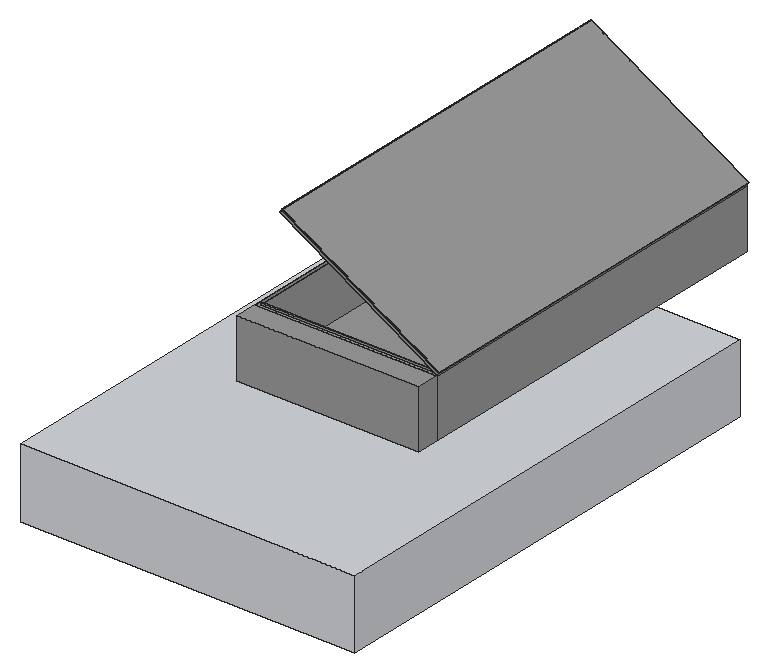
Revit family "Hager-Univers-IP55-D275-H1800-Cl.I-Steel_encl-NoHosted-CH-de", category Equipement électrique, Revit 2020
Family settings
  Hôte = Face
  Configuration du panneau = Deux colonnes, circuits au sein
  Cote de connecteur circulaire = Utiliser le diamètre
  Type d'élément = Tableau de raccordement
  Couper avec des vides une fois chargée = Non
  Partagée = Non
  Point de calcul de pièce = Non
Parameters (values of type "Bodenaufstellung IP55 B800 H1800 T275  - FR13E1")
  Width Control [instance] = if([EF000008 - Breite] > Min Width, [EF000008 - Breite], Min Width)  # 800 mm
  Commentaires du type = [HG000003 - Bereich]  # "Univers"
  Thickness Door [instance] = if([EF009171 - Materialstärke Tür/Deckel] > 3 mm, 3 mm, [EF009171 - Materialstärke Tür/Deckel])  # 1.5 mm
  Seal Frame Offset [instance] = 17 mm  # constant formula
  Plinth Visibility [instance] = [HG000027 - Sockelhöhe] > 0 mm  # yes
  Model = ""
  Min Width [instance] = 100 mm  # constant formula
  Min Height [instance] = 100 mm  # constant formula
  Min Depth [instance] = (2 * [EF009170 - Materialstärke Gehäuse]) + 1 mm  # 4 mm
  Internal Frame Depth [instance] = (Door System Depth * 0.5)  # 9 mm
  Height Control [instance] = if([EF000040 - Höhe] > Min Height, [EF000040 - Höhe], Min Height)  # 1800 mm
  HG000027 - Sockelhöhe = 100 mm
  HG000026 - Stehend auf dem Boden = yes
  HG000024 - Höhe des unteren Teils = 800 mm
  HG000023 - Gehäuse mit doppeltem Querschnitt = no
  HG000016 - 3D-Türsichtbarkeit [instance] = yes
  HG000015 - Sichtbarkeit der Türöffnung [instance] = no
  HG000014 - Tür rechts [instance] = yes
  HG000013 - Tür links [instance] = not([HG000014 - Tür rechts])  # no
  HG000012 - Türschwenkwinkel [instance] = 30.00°
  HG000010 - Asymmetrische Türen = no
  HG000009 - Doppelflügeligen Tür = no
  HG000006 - Unterputz = no
  HG000004 - Herstellerreferenz = "FR13E1"
  HG000003 - Bereich = "Univers"
  HG000002 - Mit tür = yes
  Frame Offset Bottom [instance] = 10 mm  # constant formula
  Frame Offset [instance] = 15 mm  # constant formula
  EF015940 - Deckel mit Überdruckentlastung = no
  EF011959 - Schutzart (NEMA) = ""
  EF009554 - Anzahl der Öffnungen für Flanschplatten = 6
  Fabricant = "Hager"  # constant formula
  EF009212 - Ausführung Deckel = "EV000116 - geschlossen"
  EF009171 - Materialstärke Tür/Deckel = 1.5 mm
  EF009170 - Materialstärke Gehäuse = 1.5 mm
  EF008873 - Nennstrom (In) = 800 A
  EF007800 - Geeignet für Blitzschutz = no
  EF006306 - Mit Schloss = no
  EF006244 - Transparenter Deckel/Tür = no
  EF005474 - Schutzart (IP) = "EV006420 - IP55"
  EF004464 - Art der Tür = "EV002646 - Einzel"
  EF004427 - Anzahl der Module = 396
  EF004293 - Schlagfestigkeit = "EV008784 - IK10"
  EF003532 - Geeignet für Außengebrauch = no
  EF002950 - Breite in Teilungseinheiten = 24
  EF001613 - Funktionserhalt = "EV000494 - ohne"
  EF001596 - Werkstoff des Gehäuses = "EV000179 - Stahl"
  EF001131 - Innentiefe = 275 mm
  EF001088 - Anbaumöglichkeit = yes
  EF000437 - Anzahl der Leitungseinführungen = 6
  EF000339 - Art der Abdeckung = "EV004216 - Tür"
  EF000266 - Anzahl der Reihen = 11
  EF000218 - Einbautiefe = 0 mm
  EF000118 - Mit Montageplatte = no
  EF000116 - RAL-Nummer = "7035"
  EF000049 - Tiefe = 275 mm
  EF000040 - Höhe = 1800 mm
  EF000008 - Breite = 800 mm
  EF000007 - Farbe = "EV000270 - grau"
  EF000003 - Montageart = "EV012274 - Bodenaufstellung"
  Door System Leaf Tolerance [instance] = 1.5 mm  # constant formula
  Door System Depth [instance] = 18 mm  # constant formula
  Door Height [instance] = Height Control - [HG000027 - Sockelhöhe]  # 1700 mm
  Depth Control [instance] = if([EF000049 - Tiefe] > Min Depth, [EF000049 - Tiefe], Min Depth)  # 275 mm
  Default Elevation = 0 mm
  Connector Offset [instance] = Height Control / 2  # 900 mm
  Bottom Top Plate Trim [instance] = 1.5 mm  # constant formula
  Plinth height Ctrl [instance] = if([HG000027 - Sockelhöhe] > 0 mm, [HG000027 - Sockelhöhe], 12 mm)  # 100 mm
Types (5, lengths in mm): name | Width Control | HG000010 - Asymmetrische Türen | HG000009 - Doppelflügeligen Tür | HG000004 - Herstellerreferenz | EF009554 - Anzahl der Öffnungen für Flanschplatten | EF004464 - Art der Tür | EF004427 - Anzahl der Module | EF000437 - Anzahl der Leitungseinführungen | EF000008 - Breite
  Bodenaufstellung IP55 B1050 H1800 T275  - FR14E1 | 1050 | yes | yes | "FR14E1" | 8 | "EV003602 - Doppel" | 528 | 8 | 1050
  Bodenaufstellung IP55 B1300 H1800 T275  - FR15E1 | 1300 | yes | yes | "FR15E1" | 10 | "EV003602 - Doppel" | 660 | 10 | 1300
  Bodenaufstellung IP55 B300 H1800 T275  - FR11E1 | 300 | no | no | "FR11E1" | 2 | "EV002646 - Einzel" | 132 | 2 | 300
  Bodenaufstellung IP55 B550 H1800 T275  - FR12E1 | 550 | no | no | "FR12E1" | 4 | "EV002646 - Einzel" | 264 | 4 | 550
  Bodenaufstellung IP55 B800 H1800 T275  - FR13E1 | 800 | no | no | "FR13E1" | 6 | "EV002646 - Einzel" | 396 | 6 | 800
Reference planes
  plane 1 "Center (Front/Back)": y = 0
  plane 2: z = 0
  plane 3 "Center (Left/Right)": x = 0
  plane 4: z = 275
  plane 5: y = 101.5
  plane 6: y = 950
  plane 7: y = 100
  plane 8: y = 1800
  plane 9: z = 0
  plane 10: x = -385
  plane 11: x = 385
  plane 12: x = 383.5
  plane 13: x = -383.5
  plane 14: y = 1798.5
  plane 15: x = -383
  plane 16: x = -400
  plane 17: x = 383
  plane 18: x = 400
  plane 19: x = 398.5
  plane 20: x = -398.5
  plane 21: y = 111.5
  plane 22: y = 1800
  plane 23: y = 1783.5
  plane 24: z = 257
  plane 25: z = 1.5
  plane 26: z = 255.5
  plane 27: z = 273.5
Forms (mm)
  Extrusion 1, solid
    sketch origin (0, 0, 0) x (1, 0, 0) y (0, 1, 0)
      loop
        line (-702.964, 1305) -> (-702.964, -811.445) -> (766.763, -811.445) -> (766.763, 1305) -> (-702.964, 1305)
    from 0 to -304.8
  Extrusion 2, solid, material "Hager_Steel_RAL7035_Light_Grey", visible <- "Plinth Visibility", detail levels medium+fine
    sketch origin (0, 0, 0) x (1, 0, 0) y (0, 1, 0)
      loop
        line (-400, 0) -> (400, 0) -> (400, 100) -> (-400, 100) -> (-400, 0)
    from 0 to 257
  Extrusion 3, solid, material "Hager_Steel_RAL7035_Light_Grey", detail levels medium+fine
    sketch origin (0, 0, 0) x (1, 0, 0) y (0, 1, 0)
      loop
        line (-400, 100) -> (400, 100) -> (400, 1800) -> (-400, 1800) -> (-400, 100)
    from 0 to 257
  Extrusion 4, void
    sketch origin (0, 0, 0) x (1, 0, 0) y (0, 1, 0)
      loop
        line (-398.5, 101.5) -> (398.5, 101.5) -> (398.5, 1798.5) -> (-398.5, 1798.5) -> (-398.5, 101.5)
    from 1.5 to 255.5
  Extrusion 5, void
    sketch origin (-381.607, -4572, 257) x (0, -1, 0) y (-1, 0, 0)
      loop
        line (-4683.5, 1.893) -> (-6355.5, 1.893) -> (-6355.5, -765.107) -> (-4683.5, -765.107) -> (-4683.5, 1.893)
    from 0 to 1.5 <- "EF009170 - Materialstärke Gehäuse"
  Extrusion 6, solid, material "Hager_Steel_RAL7035_Light_Grey", detail levels fine
    sketch origin (0, 0, 257) x (1, 0, 0) y (0, 1, 0)
      loop
        line (-383.5, 1783.5) -> (-383.5, 111.5) -> (383.5, 111.5) -> (383.5, 1783.5) -> (-383.5, 1783.5)
      loop
        line (-385, 110) -> (385, 110) -> (385, 1785) -> (-385, 1785) -> (-385, 110)
    from 0 to 9 <- "Internal Frame Depth"
  Extrusion 7, solid, material "Hager_Steel_RAL7035_Light_Grey", detail levels coarse
    sketch origin (0, 0, 0) x (1, 0, 0) y (0, 1, 0)
      loop
        line (-400, 0) -> (400, 0) -> (400, 1800) -> (-400, 1800) -> (-400, 0)
    from 0 to 275
  Sweep 8, void
    path in 3D
      loop
        line (-400, 100, 0) -> (400, 100, 0) -> (400, 100, 257) -> (-400, 100, 257) -> (-400, 100, 0)
    profile origin (-400, 100, 128.5) x (-1, 0, 0) y (0, -1, 0)
      loop
        line (0, 0) -> (0, 1.5) -> (-1.5, 1.5)
        arc (-1.5, 1.5) -> (-1.061, 0.439) -> (0, 0) r 1.5
Cuts and joins
  Extrusion 4, Extrusion 5 cuts Extrusion 3
  Sweep 8 cuts Extrusion 2
Lines and regions (mm)
  Masking region 1
    outline origin (0, 0, 0) x (1, 0, 0) y (0, 0, 1)
      loop
        line (-400, 275) -> (-400, 0) -> (400, 0) -> (400, 275) -> (-400, 275)
  Masking region 2, detail levels medium+fine
    outline origin (0, 140, 0) x (0, 1, 0) y (0, 0, 1)
      loop
        line (-40, 0) -> (1660, 0) -> (1660, 257) -> (-40, 257) -> (-40, 0)
  Masking region 3, not visible, detail levels medium+fine
    outline origin (0, 297.922, 0) x (0, 1, 0) y (0, 0, 1)
      loop
        line (663.578, 0) -> (703.578, 0) -> (703.578, 263.5)
        arc (703.578, 263.5) -> (700.649, 270.571) -> (693.578, 273.5) r 10
        line (693.578, 273.5) -> (663.578, 273.5) -> (663.578, 0)
  Masking region 4, detail levels coarse
    outline origin (0, 0, 180) x (0, 1, 0) y (0, 0, 1)
      loop
        line (0, -180) -> (1800, -180) -> (1800, 95) -> (0, 95) -> (0, -180)
  Masking region 5, visible <- "Plinth Visibility", detail levels medium+fine
    outline origin (0, 52.24, 12.345) x (0, 0, -1) y (0, 1, 0)
      loop
        line (10.845, 47.76) -> (-243.155, 47.76)
        arc (-243.155, 47.76) -> (-243.594, 46.699) -> (-244.655, 46.26) r 1.5
        line (-244.655, 46.26) -> (-244.655, -52.24) -> (12.345, -52.24) -> (12.345, 46.26)
        arc (12.345, 46.26) -> (11.285, 46.699) -> (10.845, 47.76) r 1.5
  Masking region 6, detail levels medium+fine
    outline origin (-381.607, -4572, 257) x (-1, 0, 0) y (0, -1, 0)
      loop
        line (18.393, -6372) -> (18.393, -4672) -> (-781.607, -4672) -> (-781.607, -6372) -> (18.393, -6372)
  Masking region 7, visible <- "Plinth Visibility", detail levels medium+fine
    outline origin (-381.607, -4727, 257) x (-1, 0, 0) y (0, -1, 0)
      loop
        arc (16.893, -4827) -> (17.332, -4825.939) -> (18.393, -4825.5) r 1.5
        line (18.393, -4825.5) -> (18.393, -4727) -> (-781.607, -4727) -> (-781.607, -4825.5)
        arc (-781.607, -4825.5) -> (-780.546, -4825.939) -> (-780.107, -4827) r 1.5
        line (-780.107, -4827) -> (16.893, -4827)
  Masking region 8, detail levels coarse
    outline origin (-442.548, -4669.526, 257) x (-1, 0, 0) y (0, -1, 0)
      loop
        line (-42.548, -6469.526) -> (-42.548, -4669.526) -> (-842.548, -4669.526) -> (-842.548, -6469.526) -> (-42.548, -6469.526)
  sketch lines
    curve 1: line (-400, 100, 257) -> (-400, 100, 0)
    curve 2: line (400, 100, 257) -> (-400, 100, 257)
    curve 3: line (400, 100, 257) -> (400, 100, 0)
    curve 4: line (-400, 100, 0) -> (400, 100, 0)
Dimensions and locks
  "Depth Control": plane 4 to Extrusion 1
  "HG000027 - Sockelhöhe": plane 1 "Center (Front/Back)" to plane 7
  "EF009170 - Materialstärke Gehäuse": plane 5 to plane 7
  locked: connector elem to plane 3 "Center (Left/Right)"
  equal spacing: plane 8, plane 6, plane 7
  locked: connector elem to plane 6
  "EF009170 - Materialstärke Gehäuse": plane 8 to plane 14
  "EF009170 - Materialstärke Gehäuse": plane 10 to plane 13
  "EF009170 - Materialstärke Gehäuse": plane 12 to plane 11
  "Frame Offset": plane 20 to plane 13
  "Frame Offset": plane 12 to plane 19
  "EF009170 - Materialstärke Gehäuse": plane 16 to plane 20
  "EF009170 - Materialstärke Gehäuse": plane 19 to plane 18
  "Seal Frame Offset": plane 16 to plane 15
  "Seal Frame Offset": plane 17 to plane 18
  "Frame Offset Bottom": plane 21 to plane 5
  "Frame Offset": plane 14 to plane 23
  equal spacing: plane 16, plane 3 "Center (Left/Right)", plane 18
  "Width Control": plane 16 to plane 18
  "EF009170 - Materialstärke Gehäuse": plane 4 to plane 27
  "EF009170 - Materialstärke Gehäuse": plane 24 to plane 26
  "EF009170 - Materialstärke Gehäuse": plane 25 to level
  "Door System Depth": plane 4 to plane 24
  "Height Control": plane 1 "Center (Front/Back)" to Extrusion 7 sketch curve
  "Height Control": Masking region 4 sketch curve to plane 1 "Center (Front/Back)"
  "Height Control": plane 1 "Center (Front/Back)" to plane 22
  "Bottom Top Plate Trim": profile plane to Sweep 8 sketch curve
  "Bottom Top Plate Trim": Sweep 8 sketch curve to profile plane
  "Plinth height Ctrl": plane 1 "Center (Front/Back)" to Extrusion 2 sketch curve
  "Plinth height Ctrl": Masking region 5 sketch curve to plane 1 "Center (Front/Back)"
  "Plinth height Ctrl": plane 1 "Center (Front/Back)" to Masking region 7 sketch curve
  "Thickness Door": Extrusion 6 sketch curve to Extrusion 6 sketch curve  (x3)
  "Thickness Door": cut or joined group of Extrusion 3, Extrusion 4, Extrusion 5 to Extrusion 6 sketch curve
  radius of Masking region 3 sketch curve = 10 mm
  "Bottom Top Plate Trim": radius of Masking region 5 sketch curve  (x2)
  "Bottom Top Plate Trim": radius of Sweep 8 sketch curve
  "Bottom Top Plate Trim": radius of Masking region 7 sketch curve  (x2)
  aligned and locked: plane 2 to Extrusion 1
  aligned and locked: level to Extrusion 1
  aligned and locked: level to Masking region 1 sketch curve
  aligned and locked: Masking region 1 sketch curve to plane 18
  aligned and locked: Masking region 1 sketch curve to plane 16
  aligned and locked: plane 7 to Masking region 2 sketch curve
  aligned and locked: level to Masking region 3 sketch curve
  aligned and locked: Masking region 3 sketch curve to plane 27
  aligned and locked: level to Masking region 2 sketch curve
  aligned and locked: plane 1 "Center (Front/Back)" to Extrusion 2 sketch curve
  aligned and locked: Extrusion 3 sketch curve to plane 7
  aligned and locked: plane 16 to Extrusion 3 sketch curve
  aligned and locked: plane 18 to Extrusion 3 sketch curve
  aligned and locked: plane 20 to Extrusion 4 sketch curve
  aligned and locked: plane 19 to Extrusion 4 sketch curve
  aligned and locked: Extrusion 4 sketch curve to plane 5
  aligned and locked: Extrusion 4 to plane 25
  aligned and locked: plane 26 to Extrusion 4
  aligned and locked: plane 24 to Extrusion 3
  aligned and locked: Extrusion 5 sketch curve to plane 21
  aligned and locked: Extrusion 5 sketch curve to plane 13
  aligned and locked: Extrusion 5 sketch curve to plane 12
  aligned and locked: plane 18 to Extrusion 7 sketch curve
  aligned and locked: plane 1 "Center (Front/Back)" to Extrusion 7 sketch curve
  aligned and locked: plane 16 to Extrusion 7 sketch curve
  aligned and locked: plane 4 to Extrusion 7
  aligned and locked: Extrusion 7 to level
  aligned and locked: level to Masking region 4 sketch curve
  aligned and locked: Masking region 4 sketch curve to plane 1 "Center (Front/Back)"
  aligned and locked: Masking region 4 sketch curve to plane 4
  aligned and locked: nested 1 to level
  aligned and locked: nested 1 to plane 16
  aligned and locked: plane 8 to Extrusion 3 sketch curve
  aligned and locked: plane 23 to Extrusion 5 sketch curve
  aligned and locked: plane 14 to Extrusion 4 sketch curve
  aligned and locked: Masking region 2 sketch curve to plane 8
  aligned and locked: level to Masking region 5 sketch curve
  aligned and locked: plane 16 to Extrusion 2 sketch curve
  aligned and locked: plane 18 to Extrusion 2 sketch curve
  aligned and locked: Masking region 5 sketch curve to plane 24
  aligned and locked: Masking region 2 sketch curve to plane 24
  aligned and locked: plane 24 to Extrusion 2
  aligned and locked: profile plane to Sweep 8 sketch curve  (x2)
  aligned and locked: Masking region 6 sketch curve to plane 18
  aligned and locked: Masking region 6 sketch curve to plane 22
  aligned and locked: Masking region 6 sketch curve to plane 16
  aligned and locked: plane 8 to plane 22
  aligned and locked: Masking region 6 sketch curve to plane 7
  aligned and locked: Masking region 7 sketch curve to plane 16
  aligned and locked: Masking region 7 sketch curve to plane 1 "Center (Front/Back)"
  aligned and locked: Masking region 7 sketch curve to plane 18
  aligned and locked: Masking region 8 sketch curve to plane 1 "Center (Front/Back)"
  aligned and locked: Masking region 8 sketch curve to plane 18
  aligned and locked: Masking region 8 sketch curve to plane 22
  aligned and locked: Masking region 8 sketch curve to plane 16
  aligned and locked: nested 2 to plane 7
  aligned and locked: plane 3 "Center (Left/Right)" to nested 2
  aligned and locked: nested 2 to plane 24
  aligned and locked: Extrusion 6 sketch curve to cut or joined group of Extrusion 3, Extrusion 4, Extrusion 5  (x4)
Automatic sketch dimensions
  Extrusion 1 sketch curve to Extrusion 1 sketch curve = 1469.727 mm
  Extrusion 1 sketch curve to Extrusion 1 sketch curve = 2116.445 mm
  Masking region 1 sketch curve to plane 4 = 0 mm
  plane 6 to Masking region 3 sketch curve = 11.5 mm
  Masking region 3 sketch curve to Masking region 3 sketch curve = 30 mm
  Masking region 5 sketch curve to plane 1 "Center (Front/Back)" = 0 mm
Nested families
  nested 1: "Hager_Enclosure_Symbol" at (-400, 0, 0) x (1, 0, 0) z (0, -1, 0), Height <- "Depth Control", Width <- "Width Control", type "Hager_Enclosure_Symbol"
    with Width_Ctrl 800 mm, Width 800 mm, Height_Ctrl 275 mm, Height 275 mm, A_Width_Int 18.047 mm, A_Width 216.562 mm, A_Height_Ctrl 240.625 mm, A_Height 240.625 mm
  nested 2: "EC000058_Univers_Door" at (0, 100, 257) x (1, 0, 0) z (0, 1, 0), Leaf_Tolerance <- "Door System Leaf Tolerance", Angle <- "HG000012 - Türschwenkwinkel", Door_Depth <- "Door System Depth", Door_Left <- "HG000013 - Tür links", Transparent <- "EF006244 - Transparenter Deckel/Tür", Assymetrical <- "HG000010 - Asymmetrische Türen", Width <- "Width Control", Clearance <- "HG000015 - Sichtbarkeit der Türöffnung", Double <- "HG000009 - Doppelflügeligen Tür", 3d_Door <- "HG000016 - 3D-Türsichtbarkeit", Lock_Visibility <- "EF006306 - Mit Schloss", Width_Ctrl <- "Width Control", Door_Right <- "HG000014 - Tür rechts", Door <- "HG000002 - Mit tür", Height <- "Door Height", Thickness <- "Thickness Door", type "EC000058_Univers_Door", detail levels medium+fine
    with min_wh 4 mm, Width_Ctrl 800 mm, Width 800 mm, Transparent no, Thickness 1.5 mm, Seal_Material Hager_Rubber, Lock_Visibility no, Lock_Material Hager_Plastic_RAL9005_Jet_Black, Leaf_Width 800 mm, Leaf_Tolerance_External_Sides 0 mm, Leaf_Tolerance 1.5 mm, Leaf_Offset 0 mm, Leaf_Height 1697 mm, Leaf_2_Width 800 mm, Leaf_2_Offset 400 mm, Leaf_1_Width 800 mm, Leaf_1_Offset 400 mm, Height_Ctrl 1700 mm, Height 1700 mm, Glass_Material Hager_Glass, Double_Clearance_Ctrl no, Double no, Door_Right_Ctrl yes, Door_Right yes, Door_Material Hager_Steel_RAL7035_Light_Grey, Door_Left_Ctrl no, Door_Left no, Door_Depth 18 mm, Door yes, Clearance_Material Hager_Clearance, Clearance_Depth 800 mm, Clearance_Ctrl no, Clearance no, Assymetrical no, Angle 30.00°, 3d_Door yes
Connectors
  electrical at (0, 950, 0)
    settings: on plane 9, index 1, voltage 0 V, apparent load 0 VA, apparent load phase1 0 VA, apparent load phase2 0 VA, apparent load phase3 0 VA, power factor 1, load classification "Other", number of poles 1, system type 30, power factor state 1, is connector primary yes, connector utility no, sub classification motor no, connector description ""
Definition of nested family "EC000058_Univers_Door"
  Parameters (values of type "EC000058_Univers_Door")
    min_wh [instance] = (2 * Thickness) + 1 mm  # 11 mm
    Width_Ctrl [instance] = 400 mm
    Width [instance] = 500 mm
    Transparent [instance] = yes
    Thickness [instance] = 5 mm
    Seal_Material [instance] = none
    Lock_Visibility [instance] = yes
    Lock_Material [instance] = none
    Leaf_Width [instance] = if((Width_Ctrl - 2 * Leaf_Tolerance_External_Sides) > 0 mm, (Width_Ctrl - 2 * Leaf_Tolerance_External_Sides), min_wh)  # 400 mm
    Leaf_Tolerance_External_Sides [instance] = 0 mm  # constant formula
    Leaf_Tolerance [instance] = 1.5 mm
    Leaf_Offset [instance] = 0 mm  # constant formula
    Leaf_Height [instance] = if((Height_Ctrl - 2 * Leaf_Tolerance) > 0 mm, (Height_Ctrl - 2 * Leaf_Tolerance), min_wh)  # 497 mm
    Leaf_2_Width [instance] = if(and(and(Double, Assymetrical), Door_Left), (Leaf_Width / 3) - (Leaf_Tolerance / 2), if(and(and(Double, Assymetrical), Door_Right), (Leaf_Width / 3) * 2 - (Leaf_Tolerance / 2), if(and(Double, not(Assymetrical)), (Leaf_Width / 2) - Leaf_Tolerance, Leaf_Width)))  # 400 mm
    Leaf_2_Offset [instance] = if(and(Double, Assymetrical), Leaf_2_Width / 2, if(and(Double, not(Assymetrical)), Leaf_Width / 4, Leaf_Width / 2))  # 200 mm
    Leaf_1_Width [instance] = if(and(and(Double, Assymetrical), Door_Right), (Leaf_Width / 3) - (Leaf_Tolerance / 2), if(and(and(Double, Assymetrical), Door_Left), (Width / 3) * 2 - (Leaf_Tolerance / 2), if(and(Double, not(Assymetrical)), (Leaf_Width / 2) - Leaf_Tolerance, Leaf_Width)))  # 400 mm
    Leaf_1_Offset [instance] = if(and(Double, Assymetrical), Leaf_1_Width / 2, if(and(Double, not(Assymetrical)), Leaf_Width / 4, Leaf_Width / 2))  # 200 mm
    Height_Ctrl [instance] = if(Height > min_wh, Height, min_wh)  # 500 mm
    Height [instance] = 500 mm
    Glass_Material [instance] = none
    Double_Clearance_Ctrl [instance] = and(Double, Clearance)  # no
    Double [instance] = no
    Door_Right_Ctrl [instance] = and(or(Door_Right, Double), Door)  # yes
    Door_Right [instance] = yes
    Door_Material [instance] = none
    Door_Left_Ctrl [instance] = and(or(Door_Left, Double), Door)  # no
    Door_Left [instance] = no
    Door_Depth [instance] = 30 mm
    Door [instance] = yes
    Default Elevation = 1219.2 mm
    Clearance_Material [instance] = none
    Clearance_Depth [instance] = if(Leaf_1_Width > Leaf_2_Width, Leaf_1_Width, Leaf_2_Width)  # 400 mm
    Clearance_Ctrl [instance] = and(not(Double), Clearance)  # yes
    Clearance [instance] = yes
    Assymetrical [instance] = yes
    Angle [instance] = 30.00°
    3d_Door [instance] = yes
  Reference planes
    plane 1 "Center (Front/Back)": y = 0
    plane 2 "Bottom": z = 0
    plane 3 "Center (Left/Right)": x = 0
    plane 4: z = 500
    plane 5: x = -200
    plane 6: x = 200
    plane 7: z = 500
    plane 8: x = -200
    plane 9: z = 0
    plane 10: x = 200
    plane 11: y = 0
    plane 12: z = 1.5
    plane 13: x = -600
    plane 14: y = -400
    plane 15: x = 600
    plane 16: x = 0
    plane 17: x = 0
    plane 18: x = -200
    plane 19: x = 200
    plane 20: z = 498.5
  Forms (mm)
    Extrusion 1, solid, material <- "Clearance_Material", visible <- "Double_Clearance_Ctrl"
      sketch origin (1200, 0, 0) x (1, 0, 0) y (0, 0, -1)
        loop
          line (-1800, -498.5) -> (-600, -498.5) -> (-600, 0) -> (-1800, 0) -> (-1800, -498.5)
      from 0 to -400
  Dimensions and locks
    equal spacing: plane 5, plane 3 "Center (Left/Right)", plane 6
    "Width_Ctrl": plane 5 to plane 6
    "Leaf_Offset": plane 5 to plane 8
    "Leaf_Offset": plane 6 to plane 10
    "Leaf_Offset": plane 9 to level
    "Leaf_Offset": plane 4 to plane 7
    "Height_Ctrl": plane 4 to level
    "Leaf_Tolerance": plane 12 to plane 9
    locked: plane 11 to plane 1 "Center (Front/Back)"
    "Leaf_1_Offset": plane 18 to plane 16
    "Leaf_2_Offset": plane 17 to plane 19
    "Leaf_1_Width": plane 13 to plane 8
    "Leaf_2_Width": plane 10 to plane 15
    "Clearance_Depth": plane 14 to plane 1 "Center (Front/Back)"
    "Leaf_Tolerance_External_Sides": plane 8 to plane 18
    "Leaf_Tolerance_External_Sides": plane 19 to plane 10
    "Leaf_Tolerance": plane 7 to plane 20
    aligned and locked: level to plane 2 "Bottom"
    aligned and locked: nested 1 to plane 16
    aligned and locked: nested 2 to plane 17
    aligned and locked: Extrusion 1 to plane 13
    aligned and locked: plane 15 to Extrusion 1
    aligned and locked: Extrusion 1 to plane 14
    aligned and locked: plane 12 to nested 1
    aligned and locked: nested 2 to plane 12
    aligned and locked: Extrusion 1 to plane 11
    aligned and locked: plane 20 to Extrusion 1
    aligned and locked: nested 2 to plane 11
    aligned and locked: nested 1 to plane 11
  Automatic sketch dimensions
    Extrusion 1 sketch curve to level = 0 mm
    plane 5 to Extrusion 1 sketch curve = 400 mm
    plane 6 to Extrusion 1 sketch curve = 400 mm
    Extrusion 1 sketch curve to plane 4 = 1.5 mm
  Nested families
    nested 1: "EC000058_Univers_Door_Leaf" at (0, 0, 1.5), Width <- "Leaf_1_Width", visible <- "Door_Left_Ctrl", Leaf_Height <- "Leaf_Height", Angle <- "Angle", 3d_Door <- "3d_Door", Transparent <- "Transparent", Clearance Material <- "Clearance_Material", Clearance <- "Clearance_Ctrl", Door_Material <- "Door_Material", Glass_Material <- "Glass_Material", Door_Depth <- "Door_Depth", Lock_Material <- "Lock_Material", Seal_Material <- "Seal_Material", Lock_Visibility <- "Lock_Visibility", Thickness <- "Thickness", type "EC000058_Univers_Door_Leaf"
      with Width 400 mm, Transparent_Glass_Offset 30 mm, Transparent_Ctrl yes, Transparent yes, Thickness 5 mm, Standard no, Seal_Material none, Seal_D2 8 mm, Seal_D1 1 mm, Offset_Internal_Frame 10 mm, Lock_Width 20 mm, Lock_Visibility_3d yes, Lock_Visibility yes, Lock_Thickness_3 3 mm, Lock_Thickness_2 1 mm, Lock_Thickness_1 3 mm, Lock_Radius_Offset_2 16 mm, Lock_Radius_Offset_1 15 mm, Lock_Radius_2 5 mm, Lock_Radius 6 mm, Lock_Offset 5 mm, Lock_Material none, Lock_Height 80 mm, Lock_Cover_Top_Offset_2d 17 mm, Lock_Cover_Height -65 mm, Leaf_Height 497 mm, Internal_Seal_Thickness 8 mm, Internal_Seal_Depth_2 4.5 mm, Internal_Frame_Depth 25 mm, Glass_Thickness -1 mm, Glass_Offset -2 mm, Glass_Material none, Door_Material none, Door_Depth 30 mm, Clearance Material none, Clearance yes, Angle_Ctrl 30.00°, Angle 30.00°, 3d_Door yes
    nested 2: "EC000058_Univers_Door_Leaf" at (0, 0, 1.5) x (-1, 0, 0) z (0, 0, 1), Width <- "Leaf_2_Width", visible <- "Door_Right_Ctrl", Leaf_Height <- "Leaf_Height", Angle <- "Angle", 3d_Door <- "3d_Door", Transparent <- "Transparent", Clearance Material <- "Clearance_Material", Clearance <- "Clearance_Ctrl", Door_Material <- "Door_Material", Glass_Material <- "Glass_Material", Door_Depth <- "Door_Depth", Lock_Material <- "Lock_Material", Seal_Material <- "Seal_Material", Lock_Visibility <- "Lock_Visibility", Thickness <- "Thickness", type "EC000058_Univers_Door_Leaf"
      with Width 400 mm, Transparent_Glass_Offset 30 mm, Transparent_Ctrl yes, Transparent yes, Thickness 5 mm, Standard no, Seal_Material none, Seal_D2 8 mm, Seal_D1 1 mm, Offset_Internal_Frame 10 mm, Lock_Width 20 mm, Lock_Visibility_3d yes, Lock_Visibility yes, Lock_Thickness_3 3 mm, Lock_Thickness_2 1 mm, Lock_Thickness_1 3 mm, Lock_Radius_Offset_2 16 mm, Lock_Radius_Offset_1 15 mm, Lock_Radius_2 5 mm, Lock_Radius 6 mm, Lock_Offset 5 mm, Lock_Material none, Lock_Height 80 mm, Lock_Cover_Top_Offset_2d 17 mm, Lock_Cover_Height -65 mm, Leaf_Height 497 mm, Internal_Seal_Thickness 8 mm, Internal_Seal_Depth_2 4.5 mm, Internal_Frame_Depth 25 mm, Glass_Thickness -1 mm, Glass_Offset -2 mm, Glass_Material none, Door_Material none, Door_Depth 30 mm, Clearance Material none, Clearance yes, Angle_Ctrl 30.00°, Angle 30.00°, 3d_Door yes
  Definition of nested family "EC000058_Univers_Door_Leaf"
    Parameters (values of type "EC000058_Univers_Door_Leaf")
      Width [instance] = 2000 mm
      Transparent_Glass_Offset [instance] = 30 mm
      Transparent_Ctrl [instance] = and(Transparent, [3d_Door])  # yes
      Transparent [instance] = yes
      Thickness [instance] = 5 mm
      Standard [instance] = and(not(Transparent), [3d_Door])  # no
      Seal_Material [instance] = none
      Seal_D2 [instance] = 8 mm  # constant formula
      Seal_D1 [instance] = 1 mm  # constant formula
      Offset_Internal_Frame [instance] = 10 mm  # constant formula
      Lock_Width [instance] = 20 mm  # constant formula
      Lock_Visibility_3d [instance] = and(Lock_Visibility, [3d_Door])  # yes
      Lock_Visibility [instance] = yes
      Lock_Thickness_3 [instance] = 3 mm  # constant formula
      Lock_Thickness_2 [instance] = 1 mm  # constant formula
      Lock_Thickness_1 [instance] = 3 mm  # constant formula
      Lock_Radius_Offset_2 [instance] = Lock_Radius_Offset_1 + 1 mm  # 16 mm
      Lock_Radius_Offset_1 [instance] = 15 mm  # constant formula
      Lock_Radius_2 [instance] = Lock_Radius - 1 mm  # 5 mm
      Lock_Radius [instance] = 6 mm  # constant formula
      Lock_Offset [instance] = 5 mm  # constant formula
      Lock_Material [instance] = none
      Lock_Height [instance] = 80 mm  # constant formula
      Lock_Cover_Top_Offset_2d [instance] = Lock_Radius_Offset_2 + 1 mm  # 17 mm
      Lock_Cover_Height [instance] = -(Lock_Height - Lock_Radius_Offset_1)  # -65 mm
      Leaf_Height [instance] = 2720.336 mm
      Internal_Seal_Thickness [instance] = 8 mm  # constant formula
      Internal_Seal_Depth_2 [instance] = 4.5 mm  # constant formula
      Internal_Frame_Depth [instance] = if(Door_Depth - Thickness > 5 mm, Door_Depth - Thickness, 5 mm)  # 25 mm
      Glass_Thickness [instance] = if(Thickness > 15 mm, Glass_Offset + 10 mm, -1 mm)  # -1 mm
      Glass_Offset [instance] = if(Thickness > 15 mm, -(Thickness + 10 mm) / 2, -2 mm)  # -2 mm
      Glass_Material [instance] = none
      Door_Material [instance] = none
      Door_Depth [instance] = 30 mm
      Default Elevation = 0 mm
      Clearance Material [instance] = none
      Clearance [instance] = yes
      Angle_Ctrl [instance] = if(Angle > 180.00°, 180.00°, Angle)  # 90.00°
      Angle [instance] = 90.00°
      3d_Door [instance] = yes
    Reference planes
      plane 1 "Center (Front/Back)": y = 0
      plane 2: z = 0
      plane 3 "Center (Left/Right)": x = 0
      plane 4: y = 2000
      plane 5: x = -1000
      plane 6: x = 1000
      plane 7: x = -3000
      plane 8: z = 2720.336
      plane 9: z = 30
      plane 10: z = 2690.336
      plane 11: x = 970
      plane 12: x = -970
      plane 13: y = -3
      plane 14: z = 107.833
      plane 15: y = -5
      plane 16: y = -223.314
      plane 17: x = -1000
      plane 18: z = 1360.168
      plane 19: y = 30
    Forms (mm)
      Extrusion 1, solid, material <- "Clearance Material", visible <- "Clearance"
        sketch origin (0, 0, 0) x (1, 0, 0) y (0, 0, 1)
          loop
            line (-3000, 2720.336) -> (-3000, 0) -> (1000, 0) -> (1000, 2720.336) -> (-3000, 2720.336)
        from 0 to -2000
      Extrusion 2, solid, material <- "Door_Material", visible <- "Standard", detail levels medium+fine
        sketch origin (-1000, 0, 0) x (0, 1, 0) y (-1, 0, 0)
          loop
            line (0, 30) -> (0, 25) -> (2000, 25) -> (2000, 30) -> (0, 30)
        from 0 to 2720.336 <- "Leaf_Height"
      Extrusion 3, solid, material <- "Door_Material", visible <- "Transparent_Ctrl", detail levels medium+fine
        sketch origin (-1000, 0, 0) x (0, 1, 0) y (-1, 0, 0)
          loop
            line (0, 25) -> (2000, 25) -> (2000, 30) -> (0, 30) -> (0, 25)
        from 0 to 2720.336 <- "Leaf_Height"
      Extrusion 4, void
        sketch origin (-1025, 2000, 0) x (0, 1, 0) y (0, 0, -1)
          loop
            line (-30, -2690.336) -> (-30, -30) -> (-1970, -30) -> (-1970, -2690.336) -> (-30, -2690.336)
        from 0 to 5 <- "Thickness"
      Sweep 5, solid, material <- "Seal_Material", visible <- "Transparent_Ctrl", detail levels fine
        path in 3D
          loop
            line (-1025, 30, 30) -> (-1025, 30, 2690.336) -> (-1025, 1970, 2690.336) -> (-1025, 1970, 30) -> (-1025, 30, 30)
        profile origin (-1025, 1000, 30) x (1, 0, 0) y (0, 0, 1)
          loop
            line (0, 0) -> (0, -8) -> (1, -8) -> (1, 0) -> (0, 0)
      Extrusion 6, solid, material <- "Glass_Material", visible <- "Transparent_Ctrl", detail levels medium+fine
        sketch origin (-1030, 0, 0) x (0, 1, 0) y (0, 0, -1)
          loop
            line (1970, -2690.336) -> (1970, -30) -> (30, -30) -> (30, -2690.336) -> (1970, -2690.336)
        from -2 <- "Glass_Offset" to -1 <- "Glass_Thickness"
      Extrusion 7, solid, material <- "Door_Material", visible <- "3d_Door", detail levels medium+fine
        sketch origin (-1025, 2000, 0) x (0, -1, 0) y (0, 0, -1)
          loop
            line (0, -2720.336) -> (2000, -2720.336) -> (2000, 0) -> (0, 0) -> (0, -2720.336)
          loop
            line (1995, -5) -> (5, -5) -> (5, -2715.336) -> (1995, -2715.336) -> (1995, -5)
        from 0 to 25 <- "Internal_Frame_Depth"
      Sweep 8, solid, material <- "Seal_Material", visible <- "Transparent_Ctrl", detail levels fine
        path in 3D
          loop
            line (-1025, 0, 0) -> (-1025, 2000, 0) -> (-1025, 2000, 2720.336) -> (-1025, 0, 2720.336) -> (-1025, 0, 0)
        profile origin (-1025, 0, 1360.168) x (1, 0, 0) y (0, 1, 0)
          loop
            line (0, 10) -> (2.975, 10)
            arc (2.975, 10) -> (4.053, 10.447) -> (4.5, 11.525) r 1.525
            line (4.5, 11.525) -> (4.5, 16.527)
            arc (4.5, 16.527) -> (4.069, 17.569) -> (3.027, 18) r 1.473
            line (3.027, 18) -> (0, 18) -> (0, 10)
      Extrusion 9, solid, material <- "Lock_Material", visible <- "Lock_Visibility_3d", detail levels fine
        sketch origin (-1030, 0, 0) x (0, 1, 0) y (0, 0, -1)
          loop
            arc (1993.5, -1400.168) -> (1994.561, -1399.729) -> (1995, -1398.668) r 1.5
            line (1995, -1398.668) -> (1995, -1320.168) -> (1975, -1320.168) -> (1975, -1398.668)
            arc (1975, -1398.668) -> (1975.439, -1399.729) -> (1976.5, -1400.168) r 1.5
            line (1976.5, -1400.168) -> (1993.5, -1400.168)
        from 3 <- "Lock_Thickness_1" to 0
      Blend 10, solid, material <- "Lock_Material", visible <- "Lock_Visibility_3d", detail levels fine
        base sketch origin (-1033, 0, 0) x (0, 1, 0) y (0, 0, -1)
          loop
            line (1975, -1320.168) -> (1975, -1398.668)
            arc (1975, -1398.668) -> (1975.439, -1399.729) -> (1976.5, -1400.168) r 1.5
            line (1976.5, -1400.168) -> (1993.5, -1400.168)
            arc (1993.5, -1400.168) -> (1994.561, -1399.729) -> (1995, -1398.668) r 1.5
            line (1995, -1398.668) -> (1995, -1320.168) -> (1975, -1320.168)
        top sketch origin (-1033, 0, 0) x (0, 1, 0) y (0, 0, -1)
          loop
            line (1976, -1320.168) -> (1976, -1398.668)
            arc (1976, -1398.668) -> (1976.146, -1399.022) -> (1976.5, -1399.168) r 0.5
            line (1976.5, -1399.168) -> (1993.5, -1399.168)
            arc (1993.5, -1399.168) -> (1993.854, -1399.022) -> (1994, -1398.668) r 0.5
            line (1994, -1398.668) -> (1994, -1320.168) -> (1976, -1320.168)
        from 0 to 1 <- "Lock_Thickness_2"
      Blend 11, solid, material <- "Lock_Material", visible <- "Lock_Visibility_3d", detail levels fine
        base sketch origin (-1034, 0, 0) x (0, 1, 0) y (0, 0, -1)
          loop
            line (1978, -1320.168) -> (1978, -1384.168)
            arc (1978, -1384.168) -> (1985, -1391.168) -> (1992, -1384.168) r 7
            line (1992, -1384.168) -> (1992, -1320.168) -> (1978, -1320.168)
        top sketch origin (-1034, 0, 0) x (0, 1, 0) y (0, 0, -1)
          loop
            line (1991, -1320.168) -> (1979, -1320.168) -> (1979, -1383.168)
            arc (1979, -1383.168) -> (1985, -1389.168) -> (1991, -1383.168) r 6
            line (1991, -1383.168) -> (1991, -1320.168)
        from 0 to 3 <- "Lock_Thickness_3"
      Extrusion 12, solid, material <- "Lock_Material", visible <- "Lock_Visibility_3d", detail levels fine
        sketch origin (-1030, 1975, 1320.168) x (1, 0, 0) y (0, -1, 0)
          loop
            line (-7, -19) -> (-7, -1) -> (0, -1) -> (0, 0) -> (-8, 0) -> (-8, -20) -> (0, -20) -> (0, -19) -> (-7, -19)
        from 0 to -65 <- "Lock_Cover_Height"
      Extrusion 13, void
        sketch origin (-1038, 1995, 1320.168) x (-1, 0, 0) y (0, 0, -1)
          loop
            line (-5, -65) -> (0, -65) -> (-5, -60) -> (-5, -65)
        from 0 to 20 <- "Lock_Width"
      Extrusion 14, void
        sketch origin (-1038, 1975, 1320.168) x (0, -1, 0) y (0, 0, -1)
          loop
            circle (-10, -15.995) r 6
          loop
            circle (-10, -15.995) r 5
        from 0 to 2
      Extrusion 15, solid, material <- "Lock_Material", visible <- "Lock_Visibility_3d", detail levels medium
        sketch origin (-1030, 0, 0) x (0, 1, 0) y (0, 0, -1)
          loop
            arc (1993.5, -1400.168) -> (1994.561, -1399.729) -> (1995, -1398.668) r 1.5
            line (1995, -1398.668) -> (1995, -1320.168) -> (1975, -1320.168) -> (1975, -1398.668)
            arc (1975, -1398.668) -> (1975.439, -1399.729) -> (1976.5, -1400.168) r 1.5
            line (1976.5, -1400.168) -> (1993.5, -1400.168)
        from 8 to 0
    Cuts and joins
      Extrusion 4 cuts Extrusion 3
      Extrusion 13, Extrusion 14 cuts Extrusion 9
      Extrusion 14 cuts Blend 11
      Extrusion 13, Extrusion 14 cuts Extrusion 12
      joined: Extrusion 9, Blend 10, Blend 11, Extrusion 12
      Extrusion 14 cuts Extrusion 15
    Lines and regions (mm)
      Masking region 1, visible <- "Lock_Visibility", detail levels fine
        outline origin (0, 0, 0) x (0, 1, 0) y (0, 0, 1)
          loop
            line (30, 1320.168) -> (33, 1320.168) -> (33, 1400.168) -> (30, 1400.168) -> (30, 1320.168)
      Masking region 2, visible <- "Lock_Visibility", detail levels fine
        outline origin (0, 3.143, 0) x (0, 1, 0) y (0, 0, 1)
          loop
            line (29.857, 1354.168) -> (30.857, 1354.168) -> (30.857, 1366.168) -> (29.857, 1366.168) -> (29.857, 1354.168)
      Masking region 3, detail levels medium+fine
        outline origin (0, 0, 0) x (0, 1, 0) y (0, 0, 1)
          loop
            line (0, 0) -> (30, 0) -> (30, 2720.336) -> (0, 2720.336) -> (0, 0)
      Masking region 4, detail levels medium+fine
        outline origin (0, 0, 0) x (1, 0, 0) y (0, 0, 1)
          loop
            line (-1000, 2720.336) -> (-1000, 0) -> (1000, 0) -> (1000, 2720.336) -> (-1000, 2720.336)
      Masking region 5, visible <- "Lock_Visibility", detail levels fine
        outline origin (-47.116, 0, 0) x (1, 0, 0) y (0, 0, 1)
          loop
            arc (1024.616, 1399.168) -> (1023.556, 1398.729) -> (1023.116, 1397.668) r 1.5
            line (1023.116, 1397.668) -> (1023.116, 1320.168) -> (1041.116, 1320.168) -> (1041.116, 1397.668)
            arc (1041.116, 1397.668) -> (1040.677, 1398.729) -> (1039.616, 1399.168) r 1.5
            line (1039.616, 1399.168) -> (1024.616, 1399.168)
      Masking region 6, visible <- "Lock_Visibility", detail levels medium+fine
        outline origin (-25, 0, 0) x (1, 0, 0) y (0, 0, 1)
          loop
            arc (1001.5, 1400.168) -> (1000.439, 1399.729) -> (1000, 1398.668) r 1.5
            line (1000, 1398.668) -> (1000, 1320.168) -> (1020, 1320.168) -> (1020, 1398.668)
            arc (1020, 1398.668) -> (1019.561, 1399.729) -> (1018.5, 1400.168) r 1.5
            line (1018.5, 1400.168) -> (1001.5, 1400.168)
      Masking region 7, visible <- "Lock_Visibility", detail levels fine
        outline origin (-73.735, 0, 0) x (1, 0, 0) y (0, 0, 1)
          loop
            line (1051.735, 1382.168) -> (1065.735, 1382.168) -> (1065.735, 1384.168)
            arc (1065.735, 1384.168) -> (1058.735, 1391.168) -> (1051.735, 1384.168) r 7
            line (1051.735, 1384.168) -> (1051.735, 1382.168)
      Masking region 8, visible <- "Lock_Visibility", detail levels fine
        outline origin (-73.735, 0, 0) x (1, 0, 0) y (0, 0, 1)
          loop
            line (1052.735, 1382.168) -> (1064.735, 1382.168) -> (1064.735, 1383.168)
            arc (1064.735, 1383.168) -> (1058.735, 1389.168) -> (1052.735, 1383.168) r 6
            line (1052.735, 1383.168) -> (1052.735, 1382.168)
      Masking region 9, visible <- "Lock_Visibility", detail levels fine
        outline origin (-25, 0, 0) x (1, 0, 0) y (0, 0, 1)
          loop
            line (1020, 1320.168) -> (1020, 1382.168) -> (1000, 1382.168) -> (1000, 1320.168) -> (1020, 1320.168)
      Masking region 10, detail levels medium+fine
        outline origin (0, 0, 0) x (1, 0, 0) y (0, 0, 1)
          loop
            circle (985, 1335.144) r 6
      Masking region 11, detail levels fine
        outline origin (0, 0, 0) x (1, 0, 0) y (0, 0, 1)
          loop
            circle (985, 1335.144) r 5
      Masking region 12, visible <- "Lock_Visibility", detail levels fine
        outline origin (0, 12.767, 0) x (0, 1, 0) y (0, 0, 1)
          loop
            line (20.233, 1320.168) -> (21.233, 1320.168) -> (21.233, 1399.168) -> (20.233, 1400.168) -> (20.233, 1320.168)
      Masking region 13, visible <- "Lock_Visibility", detail levels fine
        outline origin (0, 13.767, -10) x (0, 1, 0) y (0, 0, 1)
          loop
            line (20.233, 1330.168) -> (23.233, 1330.168) -> (23.233, 1399.168) -> (20.233, 1402.168) -> (20.233, 1330.168)
      Masking region 14, visible <- "Lock_Visibility", detail levels fine
        outline origin (0, 12.767, -10) x (0, 1, 0) y (0, 0, 1)
          loop
            line (20.233, 1330.168) -> (25.233, 1330.168) -> (25.233, 1399.305) -> (20.233, 1394.305) -> (20.233, 1330.168)
      Masking region 15, visible <- "Lock_Visibility", detail levels medium
        outline origin (0, 0, 0) x (0, 1, 0) y (0, 0, 1)
          loop
            line (30, 1320.168) -> (38, 1320.168) -> (38, 1400.168) -> (30, 1400.168) -> (30, 1320.168)
      Masking region 16, visible <- "Lock_Visibility", detail levels fine
        outline origin (-1000, 0, 0) x (0, 1, 0) y (-1, 0, 0)
          loop
            line (1975, 30) -> (1995, 30) -> (1995, 38) -> (1975, 38) -> (1975, 30)
          loop
            line (1979, 37) -> (1976, 37) -> (1976, 34) -> (1978, 34) -> (1979, 37)
          loop
            line (1994, 37) -> (1991, 37) -> (1992, 34) -> (1994, 34) -> (1994, 37)
      Masking region 17, visible <- "Lock_Visibility", detail levels medium
        outline origin (-1000, 0, 0) x (0, 1, 0) y (-1, 0, 0)
          loop
            line (1975, 30) -> (1995, 30) -> (1995, 38) -> (1975, 38) -> (1975, 30)
      symbolic lines
        curve 1: line (1000, 0, 0) -> (-3000, 0, 0)
        curve 2: arc (1000, 0, 0) -> (-1000, 2000, 0) -> (-3000, 0, 0) r 2000
        curve 4: line (-1030, 0, 0) -> (-1030, 2000, 0)
      reference lines
        curve 3: line (-1000, 0, 0) -> (-1000, 2000, 0)
      symbolic lines, detail levels medium+fine
        curve 5: line (-1030, 2000, 0) -> (-1025, 2000, 0)
        curve 7: line (-1025, 0, 0) -> (-1030, 0, 0)
        curve 8: line (-1025, 0, 0) -> (-1000, 0, 0)
        curve 9: line (-1000, 0, 0) -> (-1000, 2000, 0)
        curve 10: line (-1000, 2000, 0) -> (-1025, 2000, 0)
      symbolic lines, detail levels fine
        curve 6: line (-1025, 2000, 0) -> (-1025, 0, 0)
      sketch lines
        curve 11: line (-1025, 0, 2720.336) -> (-1025, 0, 0)
        curve 12: line (-1025, 2000, 0) -> (-1025, 0, 0)
        curve 13: line (-1025, 2000, 2720.336) -> (-1025, 2000, 0)
        curve 14: line (-1025, 0, 2720.336) -> (-1025, 2000, 2720.336)
        curve 15: line (-1025, 1970, 30) -> (-1025, 30, 30)
        curve 16: line (-1025, 30, 30) -> (-1025, 30, 2690.336)
        curve 17: line (-1025, 1970, 2690.336) -> (-1025, 1970, 30)
        curve 18: line (-1025, 30, 2690.336) -> (-1025, 1970, 2690.336)
      symbolic lines, visible <- "Transparent", detail levels medium+fine
        curve 19: line (-970, 0, 2690.336) -> (970, 0, 2690.336)
        curve 20: line (-970, 0, 30) -> (-970, 0, 2690.336)
        curve 21: line (970, 0, 30) -> (-970, 0, 30)
        curve 22: line (970, 0, 2690.336) -> (970, 0, 30)
    Dimensions and locks
      "Width": plane 1 "Center (Front/Back)" to plane 4
      equal spacing: plane 5, plane 3 "Center (Left/Right)", plane 6
      "Width": plane 5 to plane 6
      "Width": plane 7 to plane 5
      "Leaf_Height": plane 8 to level
      "Width": curve 5 to curve 3
      "Width": curve 3 to curve 3
      plane 8 to plane 10 = 30 mm
      plane 9 to level = 30 mm
      plane 12 to plane 5 = 30 mm
      plane 6 to plane 11 = 30 mm
      Extrusion 1 to Extrusion 4 sketch curve = 30 mm
      "Transparent_Glass_Offset": curve 3 to Extrusion 4 sketch curve
      "Transparent_Glass_Offset": Extrusion 4 sketch curve to cut or joined group of Extrusion 3, Extrusion 4  (x2)
      cut or joined group of Extrusion 3, Extrusion 4 to Extrusion 6 sketch curve = 30 mm
      "Transparent_Glass_Offset": cut or joined group of Extrusion 3, Extrusion 4 to Extrusion 4 sketch curve
      "Thickness": curve 6 to curve 4
      "Thickness": Extrusion 7 sketch curve to Extrusion 7 sketch curve  (x4)
      "Door_Depth": curve 4 to curve 3
      "Offset_Internal_Frame": profile plane to Sweep 8 sketch curve
      "Internal_Seal_Thickness": Sweep 8 sketch curve to Sweep 8 sketch curve
      "Internal_Seal_Depth_2": profile plane to Sweep 8 sketch curve
      "Seal_D1": profile plane to Sweep 5 sketch curve
      "Seal_D2": profile plane to Sweep 5 sketch curve
      "Thickness": Extrusion 2 sketch curve to Extrusion 2 sketch curve
      equal spacing: Extrusion 9 sketch curve, plane 18, Extrusion 9 sketch curve  (x2)
      equal spacing: Masking region 1 sketch curve, plane 18, Masking region 1 sketch curve
      "Lock_Height": Masking region 1 sketch curve to Masking region 1 sketch curve
      "Lock_Radius": Masking region 2 sketch curve to plane 18 to Masking region 2 sketch curve
      Masking region 2 sketch curve to Masking region 1 = 1 mm
      "Door_Depth": plane 19 to plane 1 "Center (Front/Back)"
      "Lock_Thickness_1": Masking region 1 sketch curve to plane 19
      "Lock_Width": Extrusion 9 sketch curve to Extrusion 9 sketch curve
      "Lock_Height": Extrusion 9 sketch curve to Extrusion 9 sketch curve
      "Lock_Offset": cut or joined group of Extrusion 3, Extrusion 4 to Extrusion 9 sketch curve
      equal spacing: plane 8, plane 18, level
      "Lock_Radius_Offset_1": Blend 11 sketch curve to Blend 10
      locked: Blend 10 to Blend 11 sketch curve at 2  (x2)
      locked: var sketch to Blend 11 sketch curve at 1  (x2)
      "Lock_Radius_Offset_2": Blend 11 sketch curve to Blend 10
      locked: Extrusion 12 sketch curve to Extrusion 12 sketch curve at 1  (x3)
      Masking region 6 sketch curve to Masking region 6 sketch curve = 80 mm
      "Lock_Height": Masking region 6 sketch curve to Masking region 6 sketch curve
      "Lock_Width": Masking region 6 sketch curve to Masking region 6 sketch curve
      locked: Masking region 6 to Masking region 5 sketch curve at 1  (x3)
      locked: Masking region 5 to Masking region 7 sketch curve at 2  (x2)
      "Lock_Radius_Offset_1": Masking region 5 to Masking region 7 sketch curve
      "Lock_Radius_Offset_2": Masking region 5 to Masking region 8 sketch curve
      locked: Masking region 7 to Masking region 8 sketch curve at 1  (x2)
      "Lock_Cover_Top_Offset_2d": Masking region 5 to Masking region 9 sketch curve
      equal spacing: Masking region 9, Masking region 10 sketch curve, Masking region 9
      equal spacing: Masking region 9, Masking region 11 sketch curve, Masking region 9
      Extrusion 15 sketch curve to Extrusion 15 sketch curve = 80 mm
      "Lock_Width": Extrusion 15 sketch curve to Extrusion 15 sketch curve
      "Lock_Height": Extrusion 15 sketch curve to Extrusion 15 sketch curve
      equal spacing: Extrusion 15 sketch curve, plane 18, Extrusion 15 sketch curve
      "Lock_Thickness_3": Masking region 13 sketch curve to Masking region 13 sketch curve
      "Lock_Height": Masking region 12 sketch curve to Masking region 12 sketch curve
      locked: Masking region 13 sketch curve to Masking region 1 at 8
      locked: Masking region 14 sketch curve to Masking region 13 at 1
      locked: Masking region 14 sketch curve to Masking region 1 at 10.863
      "Lock_Height": Masking region 15 sketch curve to Masking region 15 sketch curve
      "Lock_Offset": Extrusion 15 sketch curve to cut or joined group of Extrusion 3, Extrusion 4
      "Lock_Offset": plane 6 to Masking region 6 sketch curve
      radius of Sweep 8 sketch curve = 1.525 mm
      radius of Sweep 8 sketch curve = 1.473 mm
      radius of Extrusion 9 sketch curve = 1.5 mm  (x2)
      "Lock_Radius": radius of Extrusion 14 sketch curve
      "Lock_Radius_2": radius of Extrusion 14 sketch curve
      "Lock_Radius": radius of Masking region 10 sketch curve
      "Lock_Radius_2": radius of Masking region 11 sketch curve
      radius of Extrusion 15 sketch curve = 1.5 mm  (x2)
      "Angle_Ctrl": angle plane 1 "Center (Front/Back)" to curve 3
      locked: Masking region 12 sketch curve to Masking region 12 sketch curve (angle 45.00°)
      locked: Masking region 13 sketch curve to Masking region 13 sketch curve (angle 45.00°)
      locked: Masking region 14 sketch curve to Masking region 14 sketch curve (angle 45.00°)
      aligned and locked: level to plane 2
      aligned and locked: Extrusion 1 to curve 1
      aligned and locked: plane 6 to Extrusion 1
      aligned and locked: Extrusion 1 to plane 1 "Center (Front/Back)"
      aligned and locked: plane 4 to Extrusion 1
      aligned and locked: plane 8 to Extrusion 1
      aligned and locked: curve 7 to Extrusion 2 sketch curve
      aligned and locked: curve 5 to Extrusion 2 sketch curve
      aligned and locked: curve 7 to Extrusion 3 sketch curve
      aligned and locked: Extrusion 3 sketch curve to curve 4
      aligned and locked: Extrusion 3 sketch curve to curve 6
      aligned and locked: Extrusion 3 sketch curve to curve 5
      aligned and locked: curve 9 to curve 3
      aligned and locked: Extrusion 7 sketch curve to cut or joined group of Extrusion 3, Extrusion 4  (x4)
      aligned and locked: plane 17 to curve 3
      aligned and locked: plane 1 "Center (Front/Back)" to curve 3
      aligned and locked: plane 17 to plane 5
      aligned and locked: Sweep 8 sketch curve to profile plane
      aligned and locked: Sweep 5 sketch curve to profile plane  (x2)
      aligned and locked: Masking region 1 to Masking region 2 sketch curve
      aligned and locked: plane 19 to Masking region 1 sketch curve
      aligned and locked: plane 1 "Center (Front/Back)" to Masking region 3 sketch curve
      aligned and locked: plane 19 to Masking region 3 sketch curve
      aligned and locked: level to Masking region 3 sketch curve
      aligned and locked: Masking region 3 sketch curve to plane 8
      aligned and locked: plane 17 to Masking region 4 sketch curve
      aligned and locked: level to Masking region 4 sketch curve
      aligned and locked: Masking region 4 sketch curve to plane 8
      aligned and locked: plane 12 to curve 20
      aligned and locked: plane 10 to curve 19
      aligned and locked: plane 11 to curve 22
      aligned and locked: curve 21 to plane 9
      aligned and locked: Extrusion 2 sketch curve to cut or joined group of Extrusion 3, Extrusion 4
      aligned and locked: Blend 10 sketch curve to Extrusion 9  (x4)
      aligned and locked: Extrusion 9 to Blend 10 sketch curve
      aligned and locked: Blend 10 to Blend 11 sketch curve
      aligned and locked: Extrusion 12 sketch curve to Blend 11
      aligned and locked: Extrusion 12 sketch curve to Extrusion 9  (x4)
      aligned and locked: Masking region 5 sketch curve to Masking region 6
      aligned and locked: Masking region 9 sketch curve to Masking region 6  (x3)
      aligned and locked: Masking region 12 sketch curve to Masking region 1
      aligned and locked: Masking region 13 sketch curve to Masking region 1
      aligned and locked: Masking region 12 to Masking region 14
      aligned and locked: Masking region 14 sketch curve to Masking region 1
      aligned and locked: Masking region 15 sketch curve to Masking region 14
      aligned and locked: Masking region 13 sketch curve to Masking region 12
      aligned and locked: Masking region 16 sketch curve to cut or joined group of Extrusion 14, Extrusion 15  (x4)
      aligned and locked: Masking region 16 sketch curve to cut or joined group of Extrusion 9, Blend 10, Blend 11, Extrusion 12, Extrusion 13, Extrusion 14  (x6)
      aligned and locked: cut or joined group of Extrusion 9, Blend 10, Blend 11, Extrusion 12, Extrusion 13, Extrusion 14 to Masking region 16 sketch curve
      aligned and locked: Masking region 17 sketch curve to cut or joined group of Extrusion 14, Extrusion 15  (x3)
      aligned and locked: Masking region 17 sketch curve to cut or joined group of Extrusion 9, Blend 10, Blend 11, Extrusion 12, Extrusion 13, Extrusion 14
      aligned and locked: Masking region 9 to Masking region 8 sketch curve
      aligned and locked: Masking region 9 to Masking region 7 sketch curve
    Automatic sketch dimensions
      plane 1 "Center (Front/Back)" to curve 2 = 0 mm
      curve 2 to plane 5 = 0 mm
      Extrusion 1 sketch curve to level = 0 mm
      Extrusion 1 sketch curve to plane 7 = 0 mm
      Extrusion 1 sketch curve to plane 6 = 0 mm
      Extrusion 1 sketch curve to plane 8 = 0 mm
      Extrusion 3 to Extrusion 6 sketch curve = 30 mm  (x4)
      Masking region 4 sketch curve to plane 6 = 0 mm
      Blend 10 sketch curve to Extrusion 9 = 1.5 mm
      Blend 10 sketch curve to Extrusion 9 = 1 mm
      Extrusion 13 sketch curve to Extrusion 12 = 0 mm  (x2)
      Extrusion 12 to Extrusion 13 sketch curve = 3 mm
      Extrusion 13 sketch curve to Extrusion 12 = 5 mm
      Extrusion 14 sketch curve to Extrusion 14 sketch curve = 0 mm  (x2)
      Extrusion 14 sketch curve to Extrusion 12 = 10 mm
      Extrusion 14 sketch curve to Extrusion 12 = 15.995 mm
      Masking region 5 sketch curve to Masking region 5 sketch curve = 1.5 mm  (x2)
      Masking region 10 sketch curve to plane 18 = 25.024 mm
      Masking region 11 sketch curve to plane 18 = 25.024 mm
      plane 19 to Masking region 14 sketch curve = 3 mm
      Masking region 16 sketch curve to Masking region 16 sketch curve = 3 mm
      curve 4 to curve 3 = 0 mm
      Blend 10 to Blend 11 sketch curve = 0 mm
      Masking region 6 sketch curve to Masking region 6 sketch curve = 1.5 mm  (x2)
      Masking region 6 sketch curve to plane 18 = 40 mm
      plane 19 to Masking region 12 sketch curve = 3 mm
      Masking region 12 sketch curve to Masking region 12 sketch curve = 1 mm
      Masking region 15 sketch curve to plane 19 = 0 mm
      Masking region 15 sketch curve to plane 18 = 40 mm
      radius of Blend 10 sketch curve to Extrusion 9 = 1 mm
Definition of nested family "Hager_Enclosure_Symbol"
  Parameters (values of type "Hager_Enclosure_Symbol")
    Width_Ctrl [instance] = if(Width > 1 mm, Width, 1 mm)  # 102.27 mm
    Width [instance] = 102.27 mm
    Height_Ctrl [instance] = if(Height > 1 mm, Height, 1 mm)  # 66.5 mm
    A_Width_Int [instance] = if(A_Width / 12 > 2 mm, A_Width / 12, 2 mm)  # 4.364 mm
    A_Width [instance] = if(A_Height_Ctrl * 0.9 > 2 mm, A_Height_Ctrl * 0.9, 2 mm)  # 52.369 mm
    A_Height_Ctrl [instance] = if(A_Height > 2 mm, A_Height, 2 mm)  # 58.188 mm
    Height [instance] = 66.5 mm
    A_Height [instance] = Height - (Height / 8)  # 58.188 mm
  Reference planes
    plane 1 "Centre (avant/arrière)": y = 0
    plane 2: z = 0
    plane 3 "Centre (gauche/droite)": x = 0
    plane 4: x = 52.369
    plane 5: y = 33.042
    plane 6: y = 41.77
    plane 7: y = 66.5
    plane 8: x = 26.184
    plane 9: y = 37.406
    plane 10: x = 102.27
    plane 11: y = 66.5
    plane 12: y = 8.313
  Lines and regions (mm)
    Filled region 1, type "Solid_Black", in view "Niveau de réf."
      outline origin (0, 0, 0) x (1, 0, 0) y (0, 1, 0)
        loop
          line (52.369, 66.5) -> (33.188, 54.536) -> (45.365, 45.006) -> (52.369, 66.5)
    Filled region 2, type "Solid_Black", in view "Niveau de réf."
      outline origin (0, 0, 0) x (1, 0, 0) y (0, 1, 0)
        loop
          line (0, 0) -> (102.27, 0) -> (102.27, 66.5) -> (0, 0)
    detail lines, in view "Niveau de réf."
      curve 1: line (0, 8.313, 0) -> (26.184, 41.77, 0)
      curve 2: line (26.184, 41.77, 0) -> (26.184, 33.042, 0)
      curve 3: line (26.184, 33.042, 0) -> (52.369, 66.5, 0)
  Dimensions and locks
    "A_Width": plane 3 "Centre (gauche/droite)" to plane 4
    equal spacing: plane 3 "Centre (gauche/droite)", plane 8, plane 4
    equal spacing: plane 6, plane 9, plane 5
    equal spacing: curve 3, Filled region 1 sketch curve, Filled region 1 sketch curve
    "Height_Ctrl": plane 1 "Centre (avant/arrière)" to plane 11
    "A_Height_Ctrl": plane 11 to plane 12
    equal spacing: plane 11, plane 9, plane 12
    "A_Width_Int": plane 6 to plane 9
    "Width_Ctrl": plane 3 "Centre (gauche/droite)" to plane 10
    angle Filled region 1 sketch curve to curve 3 = 20.00°
    angle curve 3 to Filled region 1 sketch curve = 20.00°
    locked: curve 3 to Filled region 1 sketch curve (angle 90.00°)
    aligned and locked: plane 10 to Filled region 2
    aligned and locked: plane 11 to Filled region 2 sketch curve
    aligned and locked: plane 10 to Filled region 2 sketch curve
    aligned and locked: plane 3 "Centre (gauche/droite)" to curve 1
    aligned and locked: plane 12 to curve 1
    aligned and locked: plane 7 to plane 11
  Automatic sketch dimensions
    Filled region 1 sketch curve to plane 4 = 0 mm
    Filled region 1 sketch curve to plane 7 = 0 mm
    plane 1 "Centre (avant/arrière)" to Filled region 2 sketch curve = 0 mm
    Filled region 2 sketch curve to plane 3 "Centre (gauche/droite)" = 0 mm
    curve 2 to plane 6 = 0 mm
    curve 2 to plane 8 = 0 mm
    curve 3 to plane 4 = 0 mm
    curve 2 to plane 5 = 0 mm
    curve 3 to plane 7 = 0 mm
